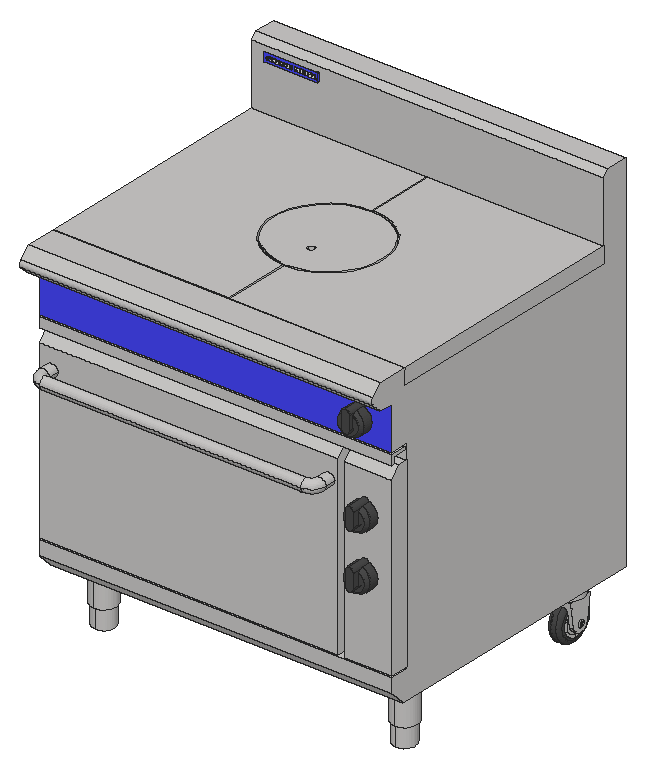
Revit family "QF_MOFFAT_BLUESEAL_CE_GE570", category Specialty Equipment, Revit 2012
Parameters
  Width = 900 mm
  Weight in Pounds = 606
  Watts = 6500 W
  Volts = 400 V
  URL Cutsheet = "www.moffat.com"
  URL = "www.moffat.com"
  Type Mark [instance] = ""
  Status [instance] = ""
  Specification by User [instance] = ""
  Specification by Manufacturer = ""
  Show Logo [instance] = yes
  Show Clearance [instance] = yes
  Show Casters [instance] = yes
  Serial Number = ""
  Seismic Rating = ""
  SMACNA No = ""
  Revision Code [instance] = ""
  Phase = 3
  Omniclass Number and Title = ""
  Number of Poles [instance] = 1
  NAFEM Spec ID Number = ""
  Model = "GE570"
  Min Ckt Ampacity = 0 A
  Mechanical Remarks = ""
  Mechanical Connection Type [instance] = ""
  Max Overcurrent Protection = 0 A
  Masterspec = ""
  Manufacturer = "MOFFAT BLUESEAL"
  Legs [instance] = not(Show Casters)  # no
  Item Number [instance] = ""
  Installed By [instance] = ""
  Identify Quantity as Lot [instance] = yes
  Height = 1085 mm
  HP = ""
  Gas Size = 3/4"
  Gas RI Height [instance] = 0 mm
  Gas KW [instance] = 12.5
  Gas Input [instance] = 42651.0 Btu/h
  Gas Connection Height = 0 mm
  Furnished By [instance] = ""
  Foodservice Equipment Identifier [instance] = yes
  FL Amps = 9.4 A
  Electrical Remarks = "9.4A PER PHASE"
  Electric Connection Type = ""
  Elec Conn RI Height = 0 mm
  Elec Conn Connection Height = 0 mm
  Description = "900MM GAS TARGET TOP RANGE WITH ELECTRIC STATIC OVEN"
  Depth = 812 mm
  Cycle = 50 Hz
  Conn Plug = ""
  Conn Conduit = yes
  CSI MasterFormat = ""
  CSI Master Format = ""
  Apparent Power = 0 VA
Reference planes
  plane 1 "BACK": y = 0
  plane 2: z = 0
  plane 3 "LEFT": x = 0
  plane 4 "RIGHT": x = 900
  plane 5 "FRONT": y = -812
  plane 6 "TOP": z = 970
  plane 7 "Center Y": x = 450
  plane 8 "Center X": y = -406
  plane 9: x = 280
  plane 10: y = -574.272
  plane 11: x = 60
  plane 12: y = -304.972
  plane 13: y = -364.972
  plane 14: x = 74
  plane 15: x = 834.5
  plane 16: y = -32
  plane 17: z = 655
  plane 18: z = 1085
Forms (mm)
  Extrusion 1, solid, material "QF_Finishes_Stainless Steel"
    sketch origin (0, 0, 0) x (0, 1, 0) y (0, 0, 1)
      loop
        line (0, 1085) -> (-57, 1085) -> (-70, 1072) -> (-70, 875) -> (-705, 875) -> (-705, 915) -> (-783.97, 915) -> (-808.503, 890.467)
        arc (-808.503, 890.467) -> (-812.01, 882) -> (-808.503, 873.533) r 11.974
        line (-808.503, 873.533) -> (-784.97, 850) -> (-749, 850) -> (-749, 740) -> (-699, 740) -> (-699, 222.5) -> (-749, 222.5) -> (-749, 186) -> (-713, 150) -> (0, 150) -> (0, 1085)
      loop
        line (-749, 710) -> (-740.224, 710) -> (-742.613, 726.999) -> (-707.93, 726.999) -> (-707.93, 734.003) -> (-749, 734.003) -> (-749, 710)
    from 0 to 900
  Extrusion 2, solid, material "QF_Finishes_Stainless Steel"
    sketch origin (0, 0, 0) x (0, 1, 0) y (0, 0, 1)
      loop
        line (-70, 915) -> (-705, 915) -> (-705, 875) -> (-70, 875) -> (-70, 915)
    from 0 to 900
  Revolve 3, solid, material "QF_Finishes_Black"
    sketch origin (824.351, 45.874, 0) x (0, 1, 0) y (0, 0, 1)
      loop
        line (-827.874, 829.5) -> (-838.874, 823.651) -> (-838.874, 797) -> (-794.874, 797) -> (-794.874, 802) -> (-804.874, 802) -> (-804.874, 829.5) -> (-827.874, 829.5)
      axis (-838.874, 797) -> (-794.874, 797)
    angle from 0 to 360
  Extrusion 4, solid, material "QF_Finishes_Black"
    sketch origin (676.544, 7, 0) x (1, 0, 0) y (0, 0, 1)
      loop
        line (158.3, 789) -> (158.3, 824)
        arc (158.3, 824) -> (148.3, 834) -> (138.3, 824) r 10
        line (138.3, 824) -> (138.3, 789)
        arc (138.3, 789) -> (148.3, 779) -> (158.3, 789) r 10
    from 759 to 808
  Extrusion 5, void
    sketch origin (0, -72.734, 915) x (1, 0, 0) y (0, -1, 0)
      loop
        line (447.967, 173.281) -> (447.967, -2.734) -> (452.2, -2.734) -> (452.2, 173.283)
        arc (452.2, 173.283) -> (592.5, 315.967) -> (451.798, 458.255) r 142.5
        line (451.798, 458.255) -> (451.798, 632.266) -> (447.7, 632.266) -> (447.7, 458.248)
        arc (447.7, 458.248) -> (307.5, 315.632) -> (447.967, 173.281) r 142.5
      loop
        circle (450, 315.766) r 138
      loop
        circle (450, 370.766) r 8.75
    from 0 to 10
  Revolve 6, solid, material "QF_Finishes_Stainless Steel"
    sketch origin (834.5, -696.126, 0) x (0, 1, 0) y (0, 0, -1)
      loop
        line (39.376, -150) -> (71.126, -150) -> (71.126, 0) -> (43.626, 0) -> (43.626, -50) -> (39.376, -50) -> (39.376, -150)
      axis (71.126, -150) -> (71.126, 0)
    angle from 0 to 360
  Revolve 7, solid, material "QF_Finishes_Stainless Steel"
    sketch origin (65.5, -696.126, 0) x (0, 1, 0) y (0, 0, 1)
      loop
        line (39.376, 150) -> (39.376, 50) -> (43.626, 50) -> (43.626, 0) -> (71.126, 0) -> (71.126, 150) -> (39.376, 150)
      axis (71.126, 150) -> (71.126, 0)
    angle from 0 to 360
  Extrusion 8, solid, material "QF_Finishes_Stainless Steel"
    sketch origin (-64.5, 0, 325) x (1, 0, 0) y (0, 1, 0)
      loop
        circle (834.5, -32) r 10
    from 330 to 411.219
  Extrusion 9, solid, material "QF_Finishes_Stainless Steel", visible <- "Show Casters"
    sketch origin (71.501, 133.353, -8.783) x (0, 1, 0) y (0, 0, 1)
      loop
        line (-201.603, 118.783) -> (-265.103, 118.783) -> (-252.746, 53.895)
        arc (-252.746, 53.895) -> (-233.353, 38.783) -> (-213.959, 53.895) r 20
        line (-213.959, 53.895) -> (-201.603, 118.783)
    from -35.667 to 22.923
  Revolve 10, solid, material "QF_Finishes_Stainless Steel", visible <- "Show Casters"
    sketch origin (65, -203, 0) x (0, 1, 0) y (0, 0, 1)
      loop
        line (67.25, 150) -> (67.25, 110) -> (103, 110) -> (103, 150) -> (67.25, 150)
      axis (103, 150) -> (103, 110)
    angle from 0 to 360
  Revolve 11, solid, material "QF_Finishes_Stainless Steel", visible <- "Show Casters"
    sketch origin (834.5, -203, 0) x (0, 1, 0) y (0, 0, -1)
      loop
        line (67.25, -150) -> (103, -150) -> (103, -110) -> (67.25, -110) -> (67.25, -150)
      axis (103, -150) -> (103, -110)
    angle from 0 to 360
  Revolve 12, solid, material "QF_Finishes_Stainless Steel", visible <- "Show Casters"
    sketch origin (785.276, -99.755, -13.653) x (1, 0, 0) y (0, 0, 1)
      loop
        line (14.841, 64.453) -> (83.584, 64.453) -> (83.584, 67.958) -> (82.314, 69.228) -> (80.79, 69.228) -> (80.79, 72.674) -> (68.644, 72.674) -> (68.644, 82.639) -> (65.088, 84.692) -> (63.738, 93.028) -> (65.881, 93.028) -> (65.881, 99.378) -> (65.088, 99.378) -> (65.088, 105.728)
        arc (65.088, 105.728) -> (62.298, 112.463) -> (55.563, 115.253) r 9.525
        line (55.563, 115.253) -> (42.863, 115.253)
        arc (42.863, 115.253) -> (36.127, 112.463) -> (33.338, 105.728) r 9.525
        line (33.338, 105.728) -> (33.338, 99.378) -> (32.544, 99.378) -> (32.544, 93.028) -> (34.687, 93.028) -> (33.352, 84.781) -> (29.782, 82.719) -> (29.782, 72.674) -> (17.635, 72.674) -> (17.635, 69.228) -> (16.111, 69.228) -> (14.841, 67.958) -> (14.841, 64.453)
      axis (14.841, 64.453) -> (83.584, 64.453)
    angle from 0 to 360
  Extrusion 13, solid, material "QF_Finishes_Stainless Steel", visible <- "Show Casters"
    sketch origin (841.001, 133.353, -8.783) x (0, 1, 0) y (0, 0, 1)
      loop
        line (-201.603, 118.783) -> (-265.103, 118.783) -> (-252.746, 53.895)
        arc (-252.746, 53.895) -> (-233.353, 38.783) -> (-213.959, 53.895) r 20
        line (-213.959, 53.895) -> (-201.603, 118.783)
    from -35.667 to 22.923
  Revolve 14, solid, material "QF_Finishes_Stainless Steel", visible <- "Legs"
    sketch origin (65, -165, 0) x (0, 1, 0) y (0, 0, 1)
      loop
        line (33.25, 150) -> (33.25, 50) -> (37.5, 50) -> (37.5, 0) -> (65, 0) -> (65, 150) -> (33.25, 150)
      axis (65, 150) -> (65, 0)
    angle from 0 to 360
  Revolve 15, solid, material "QF_Finishes_Stainless Steel", visible <- "Legs"
    sketch origin (834.5, -165, 0) x (0, 1, 0) y (0, 0, -1)
      loop
        line (33.25, -150) -> (65, -150) -> (65, 0) -> (37.5, 0) -> (37.5, -50) -> (33.25, -50) -> (33.25, -150)
      axis (65, -150) -> (65, 0)
    angle from 0 to 360
  Revolve 16, solid, material "QF_Finishes_Stainless Steel", visible <- "Show Casters"
    sketch origin (114.224, -99.755, -13.653) x (-1, 0, 0) y (0, 0, -1)
      loop
        line (14.841, -64.453) -> (14.841, -67.958) -> (16.111, -69.228) -> (17.635, -69.228) -> (17.635, -72.674) -> (29.782, -72.674) -> (29.782, -82.719) -> (33.352, -84.781) -> (34.687, -93.028) -> (32.544, -93.028) -> (32.544, -99.378) -> (33.338, -99.378) -> (33.338, -105.728)
        arc (33.338, -105.728) -> (36.127, -112.463) -> (42.863, -115.253) r 9.525
        line (42.863, -115.253) -> (55.563, -115.253)
        arc (55.563, -115.253) -> (62.298, -112.463) -> (65.088, -105.728) r 9.525
        line (65.088, -105.728) -> (65.088, -99.378) -> (65.881, -99.378) -> (65.881, -93.028) -> (63.738, -93.028) -> (65.088, -84.692) -> (68.644, -82.639) -> (68.644, -72.674) -> (80.79, -72.674) -> (80.79, -69.228) -> (82.314, -69.228) -> (83.584, -67.958) -> (83.584, -64.453) -> (14.841, -64.453)
      axis (14.841, -64.453) -> (83.584, -64.453)
    angle from 0 to 360
  Extrusion 17, void
    sketch origin (0, 0, 0) x (1, 0, 0) y (0, 1, 0)
      loop
        line (832.738, -87.26) -> (832.738, 30.24) -> (703.238, 30.24) -> (703.238, -38.76) -> (751.738, -87.26) -> (832.738, -87.26)
    from 200 to 736.219
  Extrusion 18, solid, material "QF_Finishes_Stainless Steel"
    sketch origin (723.5, 0, 0) x (0, 1, 0) y (0, 0, 1)
      loop
        line (-699, 700) -> (-725, 700) -> (-749, 676) -> (-749, 227.5) -> (-699, 227.5) -> (-699, 700)
    from 56.898 to 176.5
  Sweep 19, solid, material "QF_Finishes_Stainless Steel"
    path origin (0, -690.875, 633.125) x (0, -1, 0) y (1, 0, 0)
      loop
        line (50, 31.371) -> (86, 31.371)
        arc (86, 31.371) -> (100.142, 37.229) -> (106, 51.371) r 20
        line (106, 51.371) -> (106, 719.041)
        arc (106, 719.041) -> (100.142, 733.183) -> (86, 739.041) r 20
        line (86, 739.041) -> (50, 739.041)
    profile origin (385.206, -796.875, 633.125) x (0, 1, 0) y (0, 0, 1)
      loop
        circle (0, -10) r 15
  Revolve 20, solid, material "QF_Finishes_Black"
    sketch origin (839.351, 38.874, -213.6) x (0, 1, 0) y (0, 0, 1)
      loop
        line (-820.874, 829.5) -> (-831.874, 823.651) -> (-831.874, 797) -> (-787.874, 797) -> (-787.874, 802) -> (-797.874, 802) -> (-797.874, 829.5) -> (-820.874, 829.5)
      axis (-831.874, 797) -> (-787.874, 797)
    angle from 0 to 360
  Extrusion 21, solid, material "QF_Finishes_Black"
    sketch origin (691.544, 0, -213.6) x (1, 0, 0) y (0, 0, 1)
      loop
        line (158.3, 789) -> (158.3, 824)
        arc (158.3, 824) -> (148.3, 834) -> (138.3, 824) r 10
        line (138.3, 824) -> (138.3, 789)
        arc (138.3, 789) -> (148.3, 779) -> (158.3, 789) r 10
    from 759 to 808
  Extrusion 22, solid, material "QF_Door-Drawer Clearances", visible <- "Show Clearance", detail levels coarse
    sketch origin (0, 0, 0) x (0, -1, 0) y (0, 0, 1)
      loop
        line (749, 697.347) -> (749, 227.5) -> (1218.847, 227.5)
        arc (1218.847, 227.5) -> (1081.232, 559.732) -> (749, 697.347) r 469.847
    from 0 to -762.865
  Extrusion 23, solid, material "QF_Finishes_Stainless Steel"
    sketch origin (0, 0, 0) x (0, 1, 0) y (0, 0, 1)
      loop
        line (-699, 700) -> (-725, 700) -> (-749, 676) -> (-749, 227.5) -> (-699, 227.5) -> (-699, 700)
    from 0 to 762.865
  Extrusion 24, solid, material "QF_Finishes_Stainless Steel"
    sketch origin (0, -703.73, 150) x (1, 0, 0) y (0, -1, 0)
      loop
        circle (826, -202.73) r 6.35
    from 0 to 1.6
  Revolve 25, solid, material "QF_Finishes_Black"
    sketch origin (839.351, 38.874, -353.465) x (0, 1, 0) y (0, 0, 1)
      loop
        line (-820.874, 829.5) -> (-831.874, 823.651) -> (-831.874, 797) -> (-787.874, 797) -> (-787.874, 802) -> (-797.874, 802) -> (-797.874, 829.5) -> (-820.874, 829.5)
      axis (-831.874, 797) -> (-787.874, 797)
    angle from 0 to 360
  Extrusion 26, solid, material "QF_Finishes_Black"
    sketch origin (691.544, 0, -353.465) x (1, 0, 0) y (0, 0, 1)
      loop
        line (158.3, 789) -> (158.3, 824)
        arc (158.3, 824) -> (148.3, 834) -> (138.3, 824) r 10
        line (138.3, 824) -> (138.3, 789)
        arc (138.3, 789) -> (148.3, 779) -> (158.3, 789) r 10
    from 759 to 808
Cuts and joins
  Extrusion 5, Extrusion 17 cuts Extrusion 1
  Extrusion 5 cuts Extrusion 2
  joined: Extrusion 18, Sweep 19, Extrusion 23
Lines and regions (mm)
  Split face 1
    outline origin (900, 0, 1085) x (-1, 0, 0) y (0, -1, 0)
      loop
        arc (856, 18.185) -> (864.66, 23.185) -> (864.66, 33.185) r 10
        line (864.66, 33.185) -> (860.619, 40.185)
        arc (860.619, 40.185) -> (856.959, 43.846) -> (851.959, 45.185) r 10
        line (851.959, 45.185) -> (624, 45.185)
        arc (624, 45.185) -> (615.34, 40.185) -> (615.34, 30.185) r 10
        line (615.34, 30.185) -> (619.381, 23.185)
        arc (619.381, 23.185) -> (623.041, 19.525) -> (628.041, 18.185) r 10
        line (628.041, 18.185) -> (856, 18.185)
  Split face 2
    outline origin (900, 0, 1085) x (-1, 0, 0) y (0, -1, 0)
      loop
        arc (566, 18.185) -> (574.66, 23.185) -> (574.66, 33.185) r 10
        line (574.66, 33.185) -> (570.619, 40.185)
        arc (570.619, 40.185) -> (566.959, 43.846) -> (561.959, 45.185) r 10
        line (561.959, 45.185) -> (334, 45.185)
        arc (334, 45.185) -> (325.34, 40.185) -> (325.34, 30.185) r 10
        line (325.34, 30.185) -> (329.381, 23.185)
        arc (329.381, 23.185) -> (333.041, 19.525) -> (338.041, 18.185) r 10
        line (338.041, 18.185) -> (566, 18.185)
  Split face 3
    outline origin (900, 0, 1085) x (-1, 0, 0) y (0, -1, 0)
      loop
        arc (276, 18.185) -> (284.66, 23.185) -> (284.66, 33.185) r 10
        line (284.66, 33.185) -> (280.619, 40.185)
        arc (280.619, 40.185) -> (276.959, 43.846) -> (271.959, 45.185) r 10
        line (271.959, 45.185) -> (44, 45.185)
        arc (44, 45.185) -> (35.34, 40.185) -> (35.34, 30.185) r 10
        line (35.34, 30.185) -> (39.381, 23.185)
        arc (39.381, 23.185) -> (43.041, 19.525) -> (48.041, 18.185) r 10
        line (48.041, 18.185) -> (276, 18.185)
  Split face 4
    outline origin (738.5, -749, 576.576) x (0, 0, -1) y (1, 0, 0)
      loop
        circle (241.026, 102.515) r 10.75
  Split face 5
    outline origin (738.5, -749, 759.426) x (0, 0, -1) y (1, 0, 0)
      loop
        circle (241.026, 102.765) r 7.15
  Split face 6
    outline origin (738.5, -749, 889.426) x (0, 0, -1) y (1, 0, 0)
      loop
        circle (241.026, 102.765) r 7.15
  symbolic lines
    curve 1: line (0, 0, 0) -> (0, -812, 0)
    curve 2: line (900, 0, 0) -> (0, 0, 0)
    curve 3: line (900, -812, 0) -> (900, 0, 0)
    curve 4: line (0, -70, 0) -> (900, -70, 0)
    curve 5: line (900, -812, 0) -> (0, -812, 0)
    curve 6: line (447.967, -72.734, 0) -> (447.967, -246.014, 0)
    curve 7: line (452.2, -246.017, 0) -> (452.2, -72.734, 0)
    curve 8: line (451.798, -705, 0) -> (451.798, -530.989, 0)
    curve 9: line (447.7, -530.981, 0) -> (447.7, -705, 0)
    curve 10: line (900, -72.734, 0) -> (0, -72.734, 0)
    curve 11: line (0, -705, 0) -> (900, -705, 0)
    curve 12: arc (452.2, -246.017, 0) -> (592.5, -388.701, 0) -> (451.798, -530.989, 0) r 142.5
    curve 13: arc (447.7, -530.981, 0) -> (307.5, -388.366, 0) -> (447.967, -246.014, 0) r 142.5
    curve 14: circle (450, -388.5, 0) r 138 normal (0, 0, 1)
    curve 15: arc (458.75, -443.5, 0) -> (450, -452.25, 0) -> (441.25, -443.5, 0) r 8.75
    curve 16: arc (441.25, -443.5, 0) -> (450, -434.75, 0) -> (458.75, -443.5, 0) r 8.75
    curve 17: line (900, -57, 0) -> (0, -57, 0)
    curve 18: line (276, -45.185, 0) -> (48.041, -45.185, 0)
    curve 19: arc (48.041, -45.185, 0) -> (43.041, -43.846, 0) -> (39.381, -40.185, 0) r 10
    curve 20: line (39.381, -40.185, 0) -> (35.34, -33.185, 0)
    curve 21: arc (35.34, -33.185, 0) -> (35.34, -23.185, 0) -> (44, -18.185, 0) r 10
    curve 22: line (44, -18.185, 0) -> (271.959, -18.185, 0)
    curve 23: arc (271.959, -18.185, 0) -> (276.959, -19.525, 0) -> (280.619, -23.185, 0) r 10
    curve 24: line (280.619, -23.185, 0) -> (284.66, -30.185, 0)
    curve 25: arc (284.66, -30.185, 0) -> (284.66, -40.185, 0) -> (276, -45.185, 0) r 10
    curve 26: line (566, -45.185, 0) -> (338.041, -45.185, 0)
    curve 27: arc (338.041, -45.185, 0) -> (333.041, -43.846, 0) -> (329.381, -40.185, 0) r 10
    curve 28: line (329.381, -40.185, 0) -> (325.34, -33.185, 0)
    curve 29: arc (325.34, -33.185, 0) -> (325.34, -23.185, 0) -> (334, -18.185, 0) r 10
    curve 30: line (334, -18.185, 0) -> (561.959, -18.185, 0)
    curve 31: arc (561.959, -18.185, 0) -> (566.959, -19.525, 0) -> (570.619, -23.185, 0) r 10
    curve 32: line (570.619, -23.185, 0) -> (574.66, -30.185, 0)
    curve 33: arc (574.66, -30.185, 0) -> (574.66, -40.185, 0) -> (566, -45.185, 0) r 10
    curve 34: line (856, -45.185, 0) -> (628.041, -45.185, 0)
    curve 35: arc (628.041, -45.185, 0) -> (623.041, -43.846, 0) -> (619.381, -40.185, 0) r 10
    curve 36: line (619.381, -40.185, 0) -> (615.34, -33.185, 0)
    curve 37: arc (615.34, -33.185, 0) -> (615.34, -23.185, 0) -> (624, -18.185, 0) r 10
    curve 38: line (624, -18.185, 0) -> (851.959, -18.185, 0)
    curve 39: arc (851.959, -18.185, 0) -> (856.959, -19.525, 0) -> (860.619, -23.185, 0) r 10
    curve 40: line (860.619, -23.185, 0) -> (864.66, -30.185, 0)
    curve 41: arc (864.66, -30.185, 0) -> (864.66, -40.185, 0) -> (856, -45.185, 0) r 10
    curve 42: line (0, -783.97, 0) -> (900, -783.97, 0)
  symbolic lines, style "QF_Door-Drawer Clearances"
    curve 43: line (0, -1218.847, 0) -> (0, -812, 0)
    curve 44: line (762.865, -812, 0) -> (762.865, -1218.847, 0)
    curve 45: line (762.865, -1218.847, 0) -> (0, -1218.847, 0)
Dimensions and locks
  equal spacing: plane 3 "LEFT", plane 7 "Center Y", plane 4 "RIGHT"
  "Width": plane 3 "LEFT" to plane 4 "RIGHT"
  equal spacing: plane 5 "FRONT", plane 8 "Center X", plane 1 "BACK"
  "Depth": plane 5 "FRONT" to plane 1 "BACK"
  equal spacing: plane 4 "RIGHT", plane 7 "Center Y", plane 3 "LEFT"
  plane 4 "RIGHT" to plane 3 "LEFT" = 900 mm
  plane 5 "FRONT" to plane 1 "BACK" = 812 mm
  plane 10 to plane 1 "BACK" = 574.272 mm
  plane 12 to plane 1 "BACK" = 304.972 mm  (x2)
  plane 11 to plane 3 "LEFT" = 60 mm
  plane 14 to plane 3 "LEFT" = 74 mm
  plane 9 to plane 3 "LEFT" = 280 mm
  plane 6 "TOP" to plane 2 = 970 mm
  plane 17 to level = 655 mm
  Revolve 12 sketch curve to Revolve 12 sketch curve = 50.8 mm
  Revolve 16 sketch curve to Revolve 16 sketch curve = 50.8 mm
  plane 18 to level = 1085 mm  (x2)
  Extrusion 24 sketch curve to plane 4 "RIGHT" = 74 mm
  Extrusion 24 sketch curve to plane 1 "BACK" = 501 mm
  aligned and locked: level to plane 2
  aligned and locked: curve 3 to plane 4 "RIGHT"
  aligned and locked: Extrusion 1 to Extrusion 2  (x2)
Automatic sketch dimensions
  curve 12 to curve 13 = 0 mm  (x2)
  curve 12 to curve 14 = 0 mm  (x2)
  curve 13 to curve 14 = 0 mm  (x2)
  curve 15 to curve 16 = 0 mm  (x2)
  plane 1 "BACK" to curve 1 = 0 mm
  curve 1 to plane 3 "LEFT" = 0 mm
  curve 15 to plane 7 "Center Y" = 0 mm
  curve 12 to plane 7 "Center Y" = 0 mm
  plane 5 "FRONT" to curve 44 = 0 mm
  curve 20 to plane 16 = 1.185 mm
  curve 20 to plane 11 = 24.66 mm
  curve 21 to curve 19 = 4.041 mm
  curve 21 to plane 11 = 16 mm
  curve 19 to curve 19 = 8.66 mm
  curve 23 to plane 9 = 8.041 mm
  curve 25 to plane 9 = 4 mm
  plane 9 to curve 23 = 0.619 mm
  plane 16 to curve 25 = 1.815 mm
  plane 9 to curve 25 = 4.66 mm
  curve 29 to plane 16 = 1.185 mm
  curve 24 to curve 29 = 40.679 mm
  curve 29 to curve 27 = 4.041 mm
  plane 16 to curve 29 = 3.815 mm
  curve 28 to curve 29 = 8.66 mm
  curve 27 to curve 27 = 8.66 mm
  curve 15 to plane 7 "Center Y" = 8.75 mm
  curve 9 to plane 7 "Center Y" = 2.3 mm
  curve 6 to plane 7 "Center Y" = 2.033 mm
  plane 7 "Center Y" to curve 12 = 1.798 mm
  plane 7 "Center Y" to curve 7 = 2.2 mm
  plane 7 "Center Y" to curve 31 = 111.959 mm
  curve 31 to curve 33 = 4.041 mm
  curve 30 to curve 31 = 8.66 mm
  plane 16 to curve 33 = 1.815 mm
  curve 32 to curve 33 = 4.041 mm
  curve 37 to plane 16 = 1.185 mm
  curve 32 to curve 37 = 40.679 mm
  curve 37 to curve 35 = 4.041 mm  (x2)
  curve 36 to curve 38 = 8.66 mm
  curve 35 to plane 16 = 3.185 mm
  curve 44 to plane 15 = 71.635 mm
  plane 15 to curve 39 = 17.459 mm
  curve 39 to curve 41 = 4.041 mm  (x2)
  plane 16 to curve 40 = 8.815 mm
  curve 39 to curve 40 = 8.66 mm
  plane 16 to curve 41 = 1.815 mm
  plane 5 "FRONT" to curve 44 = 406.847 mm
  curve 42 to plane 5 "FRONT" = 28.03 mm
  curve 42 to curve 11 = 78.97 mm
  plane 10 to curve 8 = 43.284 mm
  curve 12 to curve 13 = 0.007 mm
  curve 16 to plane 8 "Center X" = 37.5 mm
  plane 8 "Center X" to curve 12 = 17.5 mm
  curve 10 to plane 16 = 40.734 mm
  curve 10 to curve 4 = 2.734 mm
  curve 4 to curve 17 = 13 mm
  curve 26 to plane 16 = 13.185 mm
  curve 19 to plane 16 = 13.185 mm
  curve 34 to plane 16 = 13.185 mm
  curve 28 to curve 29 = 7 mm
  curve 19 to curve 21 = 7 mm
  plane 16 to curve 31 = 3.815 mm
  plane 16 to curve 37 = 3.815 mm
  plane 16 to curve 21 = 3.815 mm
  plane 16 to curve 23 = 3.815 mm
  plane 18 to Extrusion 1 sketch curve = 0 mm
  Extrusion 1 sketch curve to plane 1 "BACK" = 0 mm
  Extrusion 1 sketch curve to plane 16 = 25 mm
  plane 18 to Extrusion 1 sketch curve = 13 mm
  Extrusion 1 sketch curve to Extrusion 1 sketch curve = 13 mm
  Extrusion 1 sketch curve to plane 5 "FRONT" = 113 mm
  Extrusion 1 sketch curve to plane 5 "FRONT" = 107 mm
  Extrusion 1 sketch curve to Extrusion 1 sketch curve = 8.93 mm
  Extrusion 1 sketch curve to Extrusion 1 sketch curve = 14 mm
  Extrusion 1 sketch curve to Extrusion 1 sketch curve = 32.294 mm
  Extrusion 1 sketch curve to Extrusion 1 sketch curve = 2.389 mm
  Extrusion 1 sketch curve to Extrusion 1 sketch curve = 8.776 mm
  Extrusion 1 sketch curve to Extrusion 1 sketch curve = 44 mm
  Extrusion 1 sketch curve to Extrusion 1 sketch curve = 50 mm
  Extrusion 1 sketch curve to plane 5 "FRONT" = 28.03 mm
  Extrusion 1 sketch curve to plane 5 "FRONT" = 27.03 mm
  Extrusion 1 sketch curve to plane 5 "FRONT" = 11.964 mm
  Extrusion 1 sketch curve to plane 5 "FRONT" = 3.497 mm  (x2)
  Extrusion 1 sketch curve to plane 6 "TOP" = 55 mm
  Extrusion 1 sketch curve to Extrusion 1 sketch curve = 24.533 mm
  Extrusion 1 sketch curve to Extrusion 1 sketch curve = 8.467 mm
  Extrusion 1 sketch curve to Extrusion 1 sketch curve = 40 mm
  Extrusion 1 sketch curve to Extrusion 1 sketch curve = 23.533 mm
  plane 17 to Extrusion 1 sketch curve = 85 mm
  Extrusion 1 sketch curve to Extrusion 1 sketch curve = 5.997 mm
  Extrusion 1 sketch curve to Extrusion 1 sketch curve = 7.004 mm
  Extrusion 1 sketch curve to Extrusion 1 sketch curve = 16.999 mm
  Extrusion 1 sketch curve to Extrusion 1 sketch curve = 36.5 mm
  level to Extrusion 1 sketch curve = 150 mm
  Extrusion 2 sketch curve to plane 5 "FRONT" = 107 mm
  Extrusion 2 sketch curve to plane 16 = 38 mm
  Extrusion 2 sketch curve to plane 6 "TOP" = 95 mm
  Extrusion 2 sketch curve to Extrusion 2 sketch curve = 40 mm
  Revolve 3 sketch curve to plane 5 "FRONT" = 19 mm
  Revolve 3 sketch curve to Revolve 3 sketch curve = 0 mm  (x2)
  Revolve 3 sketch curve to Revolve 3 sketch curve = 11 mm
  Revolve 3 sketch curve to Revolve 3 sketch curve = 12.7 mm
  Revolve 3 sketch curve to Revolve 3 sketch curve = 23 mm
  Revolve 3 sketch curve to Revolve 3 sketch curve = 10 mm
  plane 17 to Revolve 3 sketch curve = 142 mm
  Revolve 3 sketch curve to Revolve 3 sketch curve = 5 mm
  Revolve 3 sketch curve to Revolve 3 sketch curve = 26.651 mm
  Revolve 3 sketch curve to Revolve 3 sketch curve = 5.849 mm
  Extrusion 4 sketch curve to plane 15 = 19.656 mm
  Extrusion 4 sketch curve to plane 15 = 9.656 mm
  plane 17 to Extrusion 4 sketch curve = 134 mm
  Extrusion 4 sketch curve to Extrusion 4 sketch curve = 35 mm
  Extrusion 5 sketch curve to Extrusion 5 sketch curve = 0 mm  (x13)
  Extrusion 5 sketch curve to Extrusion 2 = 0 mm
  Extrusion 2 to Extrusion 5 sketch curve = 0 mm
  Extrusion 2 to Extrusion 5 sketch curve = 447.7 mm
  Extrusion 2 to Extrusion 5 sketch curve = 447.967 mm
  Extrusion 5 sketch curve to Extrusion 5 sketch curve = 2.3 mm
  Extrusion 5 sketch curve to Extrusion 5 sketch curve = 4.098 mm
  Extrusion 5 sketch curve to Extrusion 5 sketch curve = 4.232 mm
  Extrusion 2 to Extrusion 5 sketch curve = 174.011 mm
  Extrusion 5 sketch curve to Extrusion 5 sketch curve = 0.007 mm
  Extrusion 5 sketch curve to Extrusion 5 sketch curve = 4.489 mm
  Extrusion 5 sketch curve to Extrusion 5 sketch curve = 83 mm
  Extrusion 5 sketch curve to Extrusion 5 sketch curve = 55 mm
  Revolve 6 sketch curve to level = 0 mm
  Revolve 6 sketch curve to plane 10 = 82.478 mm
  Revolve 6 sketch curve to Revolve 6 sketch curve = 4.25 mm
  Revolve 6 sketch curve to Revolve 6 sketch curve = 27.5 mm  (x2)
  level to Revolve 6 sketch curve = 50 mm
  Revolve 6 sketch curve to Revolve 6 sketch curve = 0 mm
  Revolve 6 sketch curve to Revolve 6 sketch curve = 100 mm
  Revolve 6 sketch curve to Revolve 6 sketch curve = 55 mm
  Revolve 7 sketch curve to level = 0 mm
  Revolve 7 sketch curve to plane 10 = 82.478 mm
  Revolve 7 sketch curve to Revolve 7 sketch curve = 4.25 mm
  Revolve 7 sketch curve to Revolve 7 sketch curve = 27.5 mm  (x2)
  Revolve 7 sketch curve to level = 55 mm
  Revolve 7 sketch curve to Revolve 7 sketch curve = 50 mm
  Revolve 7 sketch curve to Revolve 7 sketch curve = 0 mm
  Revolve 7 sketch curve to Revolve 7 sketch curve = 100 mm
  Extrusion 8 sketch curve to plane 16 = 0 mm
  Extrusion 8 sketch curve to plane 15 = 64.5 mm
  cut or joined group of Extrusion 1, Extrusion 5, Extrusion 17 to Split face 1 sketch curve = 26.815 mm
  Split face 1 sketch curve to cut or joined group of Extrusion 1, Extrusion 5, Extrusion 17 = 284.66 mm
  Split face 1 sketch curve to Split face 1 sketch curve = 4.041 mm  (x4)
  Split face 1 sketch curve to Split face 1 sketch curve = 8.66 mm  (x2)
  cut or joined group of Extrusion 1, Extrusion 5, Extrusion 17 to Split face 1 sketch curve = 11.815 mm
  Split face 1 sketch curve to cut or joined group of Extrusion 1, Extrusion 5, Extrusion 17 = 48.041 mm
  Split face 1 sketch curve to Split face 1 sketch curve = 7 mm  (x3)
  Split face 1 sketch curve to Split face 1 sketch curve = 17 mm
  cut or joined group of Extrusion 1, Extrusion 5, Extrusion 17 to Split face 2 sketch curve = 26.815 mm
  Split face 2 sketch curve to cut or joined group of Extrusion 1, Extrusion 5, Extrusion 17 = 325.34 mm
  Split face 2 sketch curve to Split face 2 sketch curve = 4.041 mm  (x4)
  Split face 2 sketch curve to Split face 2 sketch curve = 8.66 mm  (x2)
  cut or joined group of Extrusion 1, Extrusion 5, Extrusion 17 to Split face 2 sketch curve = 11.815 mm
  Split face 2 sketch curve to Split face 2 sketch curve = 223.917 mm
  Split face 2 sketch curve to Split face 2 sketch curve = 7 mm  (x3)
  Split face 2 sketch curve to Split face 2 sketch curve = 17 mm
  Split face 3 sketch curve to cut or joined group of Extrusion 1, Extrusion 5, Extrusion 17 = 35.34 mm
  Split face 3 sketch curve to Split face 3 sketch curve = 4.041 mm  (x4)
  Split face 3 sketch curve to Split face 3 sketch curve = 8.66 mm  (x2)
  cut or joined group of Extrusion 1, Extrusion 5, Extrusion 17 to Split face 3 sketch curve = 11.815 mm
  Split face 3 sketch curve to Split face 3 sketch curve = 223.917 mm
  Split face 3 sketch curve to Split face 3 sketch curve = 5 mm
  Split face 3 sketch curve to Split face 3 sketch curve = 10 mm
  Split face 3 sketch curve to Split face 3 sketch curve = 7 mm  (x3)
  Extrusion 9 sketch curve to plane 16 = 99.75 mm
  Extrusion 9 sketch curve to Extrusion 9 sketch curve = 12.357 mm
  Extrusion 9 sketch curve to Extrusion 9 sketch curve = 19.393 mm  (x2)
  level to Extrusion 9 sketch curve = 45.111 mm
  Extrusion 9 sketch curve to plane 16 = 36.25 mm
  Extrusion 9 sketch curve to Extrusion 9 sketch curve = 4.889 mm
  Extrusion 9 sketch curve to Extrusion 9 sketch curve = 64.889 mm
  Revolve 10 sketch curve to plane 16 = 103.75 mm
  Revolve 10 sketch curve to plane 16 = 68 mm
  Revolve 10 sketch curve to Revolve 10 sketch curve = 35.75 mm
  Revolve 10 sketch curve to level = 55 mm
  level to Revolve 10 sketch curve = 50 mm
  Revolve 10 sketch curve to Revolve 10 sketch curve = 60 mm
  Revolve 10 sketch curve to Revolve 10 sketch curve = 40 mm
  Revolve 11 sketch curve to plane 16 = 103.75 mm
  Revolve 11 sketch curve to plane 16 = 68 mm
  Revolve 11 sketch curve to Revolve 11 sketch curve = 35.75 mm
  level to Revolve 11 sketch curve = 150 mm
  Revolve 11 sketch curve to Revolve 11 sketch curve = 40 mm
  level to Revolve 11 sketch curve = 50 mm
  Revolve 11 sketch curve to level = 55 mm
  Revolve 12 sketch curve to plane 15 = 34.382 mm
  Revolve 12 sketch curve to Revolve 12 sketch curve = 1.27 mm  (x4)
  Revolve 12 sketch curve to Revolve 12 sketch curve = 1.524 mm  (x2)
  Revolve 12 sketch curve to Revolve 12 sketch curve = 12.146 mm  (x2)
  Revolve 12 sketch curve to plane 15 = 16.68 mm
  Revolve 12 sketch curve to Revolve 12 sketch curve = 0.794 mm  (x2)
  Revolve 12 sketch curve to Revolve 12 sketch curve = 3.57 mm
  Revolve 12 sketch curve to Revolve 12 sketch curve = 2.143 mm
  Revolve 12 sketch curve to plane 15 = 6.361 mm
  plane 15 to Revolve 12 sketch curve = 5.13 mm
  plane 15 to Revolve 12 sketch curve = 6.339 mm
  plane 15 to Revolve 12 sketch curve = 14.515 mm
  Revolve 12 sketch curve to Revolve 12 sketch curve = 1.349 mm  (x2)
  Revolve 12 sketch curve to Revolve 12 sketch curve = 3.556 mm
  Revolve 12 sketch curve to plane 4 "RIGHT" = 2.18 mm
  level to Revolve 12 sketch curve = 50.8 mm
  Revolve 12 sketch curve to Revolve 12 sketch curve = 0 mm
  Revolve 12 sketch curve to Revolve 12 sketch curve = 3.505 mm  (x2)
  Revolve 12 sketch curve to Revolve 12 sketch curve = 3.447 mm  (x2)
  Revolve 12 sketch curve to Revolve 12 sketch curve = 9.964 mm
  Revolve 12 sketch curve to Revolve 12 sketch curve = 10.045 mm
  Revolve 12 sketch curve to Revolve 12 sketch curve = 2.053 mm
  Revolve 12 sketch curve to Revolve 12 sketch curve = 2.061 mm
  Revolve 12 sketch curve to Revolve 12 sketch curve = 8.247 mm
  Revolve 12 sketch curve to Revolve 12 sketch curve = 8.336 mm
  Revolve 12 sketch curve to Revolve 12 sketch curve = 6.35 mm  (x2)
  Extrusion 13 sketch curve to plane 16 = 99.75 mm
  Extrusion 13 sketch curve to Extrusion 13 sketch curve = 12.357 mm
  Extrusion 13 sketch curve to Extrusion 13 sketch curve = 19.393 mm  (x2)
  level to Extrusion 13 sketch curve = 45.111 mm
  Extrusion 13 sketch curve to plane 16 = 36.25 mm
  Extrusion 13 sketch curve to Extrusion 13 sketch curve = 4.889 mm
  Extrusion 13 sketch curve to Extrusion 13 sketch curve = 64.889 mm
  Revolve 14 sketch curve to level = 0 mm
  Revolve 14 sketch curve to plane 16 = 99.75 mm
  Revolve 14 sketch curve to Revolve 14 sketch curve = 4.25 mm
  Revolve 14 sketch curve to Revolve 14 sketch curve = 27.5 mm  (x2)
  Revolve 14 sketch curve to level = 55 mm
  Revolve 14 sketch curve to Revolve 14 sketch curve = 50 mm
  Revolve 14 sketch curve to Revolve 14 sketch curve = 0 mm
  Revolve 14 sketch curve to Revolve 14 sketch curve = 100 mm
  Revolve 15 sketch curve to level = 0 mm
  Revolve 15 sketch curve to plane 16 = 99.75 mm
  Revolve 15 sketch curve to Revolve 15 sketch curve = 4.25 mm
  Revolve 15 sketch curve to Revolve 15 sketch curve = 27.5 mm  (x2)
  level to Revolve 15 sketch curve = 50 mm
  Revolve 15 sketch curve to Revolve 15 sketch curve = 0 mm
  Revolve 15 sketch curve to Revolve 15 sketch curve = 100 mm
  Revolve 15 sketch curve to Revolve 15 sketch curve = 55 mm
  plane 14 to Revolve 16 sketch curve = 25.382 mm
  Revolve 16 sketch curve to Revolve 16 sketch curve = 1.27 mm  (x4)
  Revolve 16 sketch curve to Revolve 16 sketch curve = 1.524 mm  (x2)
  plane 14 to Revolve 16 sketch curve = 10.442 mm
  plane 14 to Revolve 16 sketch curve = 7.68 mm
  Revolve 16 sketch curve to Revolve 16 sketch curve = 0.794 mm  (x2)
  Revolve 16 sketch curve to Revolve 16 sketch curve = 3.57 mm
  Revolve 16 sketch curve to Revolve 16 sketch curve = 2.143 mm
  Revolve 16 sketch curve to plane 14 = 2.639 mm
  Revolve 16 sketch curve to plane 11 = 0.13 mm
  Revolve 16 sketch curve to plane 11 = 1.339 mm
  Revolve 16 sketch curve to plane 11 = 9.515 mm
  Revolve 16 sketch curve to Revolve 16 sketch curve = 1.349 mm  (x2)
  Revolve 16 sketch curve to Revolve 16 sketch curve = 3.556 mm
  Revolve 16 sketch curve to Revolve 16 sketch curve = 12.146 mm
  Revolve 16 sketch curve to plane 3 "LEFT" = 2.68 mm
  level to Revolve 16 sketch curve = 101.6 mm
  Revolve 16 sketch curve to Revolve 16 sketch curve = 6.35 mm  (x4)
  Revolve 16 sketch curve to Revolve 16 sketch curve = 8.247 mm
  Revolve 16 sketch curve to Revolve 16 sketch curve = 8.336 mm
  Revolve 16 sketch curve to Revolve 16 sketch curve = 2.061 mm
  Revolve 16 sketch curve to Revolve 16 sketch curve = 2.053 mm
  Revolve 16 sketch curve to Revolve 16 sketch curve = 10.045 mm
  Revolve 16 sketch curve to Revolve 16 sketch curve = 9.964 mm
  Revolve 16 sketch curve to Revolve 16 sketch curve = 3.447 mm  (x2)
  Revolve 16 sketch curve to Revolve 16 sketch curve = 3.505 mm
  Extrusion 17 sketch curve to plane 1 "BACK" = 30.24 mm
  Extrusion 17 sketch curve to plane 15 = 131.262 mm
  Extrusion 17 sketch curve to Extrusion 17 sketch curve = 48.5 mm
  Extrusion 17 sketch curve to plane 15 = 1.762 mm
  Extrusion 17 sketch curve to plane 16 = 6.76 mm
  Extrusion 17 sketch curve to plane 16 = 55.26 mm
  Extrusion 18 sketch curve to plane 5 "FRONT" = 63 mm
  Extrusion 18 sketch curve to Extrusion 18 sketch curve = 24 mm
  Extrusion 18 sketch curve to Extrusion 18 sketch curve = 50 mm
  plane 17 to Extrusion 18 sketch curve = 21 mm
  plane 17 to Extrusion 18 sketch curve = 45 mm
  Sweep 19 sketch curve to plane 5 "FRONT" = 71.125 mm  (x2)
  Sweep 19 sketch curve to plane 11 = 28.629 mm
  Sweep 19 sketch curve to plane 5 "FRONT" = 35.125 mm  (x2)
  Sweep 19 sketch curve to plane 5 "FRONT" = 15.125 mm
  Sweep 19 sketch curve to plane 15 = 115.459 mm
  Sweep 19 sketch curve to profile plane = 0 mm
  Sweep 19 sketch curve to profile plane = 10 mm
  Revolve 20 sketch curve to plane 5 "FRONT" = 19 mm
  Revolve 20 sketch curve to Revolve 20 sketch curve = 0 mm  (x2)
  Revolve 20 sketch curve to Revolve 20 sketch curve = 11 mm
  Revolve 20 sketch curve to Revolve 20 sketch curve = 12.7 mm
  Revolve 20 sketch curve to Revolve 20 sketch curve = 23 mm
  Revolve 20 sketch curve to Revolve 20 sketch curve = 10 mm
  Revolve 20 sketch curve to plane 17 = 71.6 mm
  Revolve 20 sketch curve to Revolve 20 sketch curve = 5 mm
  Revolve 20 sketch curve to Revolve 20 sketch curve = 26.651 mm
  Revolve 20 sketch curve to Revolve 20 sketch curve = 5.849 mm
  Extrusion 21 sketch curve to plane 15 = 4.656 mm
  plane 15 to Extrusion 21 sketch curve = 5.344 mm
  Extrusion 21 sketch curve to plane 17 = 79.6 mm
  Extrusion 21 sketch curve to Extrusion 21 sketch curve = 35 mm
  Extrusion 22 sketch curve to plane 5 "FRONT" = 63 mm
  plane 5 "FRONT" to Extrusion 22 sketch curve = 406.847 mm
  Extrusion 23 sketch curve to plane 5 "FRONT" = 63 mm
  Extrusion 23 sketch curve to Extrusion 23 sketch curve = 24 mm
  Extrusion 23 sketch curve to Extrusion 23 sketch curve = 50 mm
  plane 17 to Extrusion 23 sketch curve = 21 mm
  plane 17 to Extrusion 23 sketch curve = 45 mm
  Split face 4 sketch curve to Extrusion 18 = 108.05 mm
  Split face 4 sketch curve to Extrusion 18 = 58.985 mm
  Split face 5 sketch curve to Extrusion 18 = 58.735 mm
  Split face 5 sketch curve to Extrusion 18 = 157.6 mm
  Split face 6 sketch curve to Extrusion 18 = 27.6 mm
  Split face 6 sketch curve to Extrusion 18 = 58.735 mm
  Revolve 25 sketch curve to plane 5 "FRONT" = 19 mm
  Revolve 25 sketch curve to Revolve 25 sketch curve = 0 mm  (x2)
  Revolve 25 sketch curve to Revolve 25 sketch curve = 11 mm
  Revolve 25 sketch curve to Revolve 25 sketch curve = 12.7 mm
  Revolve 25 sketch curve to Revolve 25 sketch curve = 23 mm
  Revolve 25 sketch curve to Revolve 25 sketch curve = 10 mm
  Revolve 25 sketch curve to Revolve 25 sketch curve = 5.849 mm
  Extrusion 26 sketch curve to plane 15 = 4.656 mm
  plane 15 to Extrusion 26 sketch curve = 5.344 mm
  Extrusion 1 sketch curve to Extrusion 1 sketch curve = 36 mm
  level to Extrusion 18 sketch curve = 227.5 mm
  level to Extrusion 22 sketch curve = 227.5 mm
  level to Extrusion 23 sketch curve = 227.5 mm
  Revolve 25 sketch curve to plane 17 = 211.465 mm
  Revolve 25 sketch curve to Revolve 25 sketch curve = 5 mm
  Revolve 25 sketch curve to Revolve 25 sketch curve = 26.651 mm
  Extrusion 26 sketch curve to plane 17 = 219.465 mm
  Extrusion 26 sketch curve to Extrusion 26 sketch curve = 35 mm
  radius of curve 14 = 138 mm
  radius of Extrusion 5 sketch curve = 8.75 mm
  radius of Extrusion 8 sketch curve = 10 mm
  radius of Sweep 19 sketch curve = 15 mm
  radius of Split face 4 sketch curve = 10.75 mm
  radius of Split face 5 sketch curve = 7.15 mm
  radius of Split face 6 sketch curve = 7.15 mm
  radius of Extrusion 24 sketch curve = 6.35 mm
Nested families
  nested 1: "WALDORF LOGO_FACE BASE" at (32, -70, 1055.959) x (1, 0, 0) z (0, -1, 0), visible <- "Show Logo", type "WALDORF LOGO_FACE BASE", detail levels medium+fine
    with Show Logo yes
Connectors
  piping at (770, -32, 655)
    settings: on Extrusion 8, index 4, connector radius 0.37402", flow factor 0, pipe flow 0 GPM, pressure drop 0.00 psi, fitting loss kfactor 0, connector angle 0.00°, fixture units 0, engagement length 0 mm, flow configuration 1, flow direction 1, fitting loss method 0, system type 7, joint type 0, gender type 0, connector reference index -1, connector utility 0, adjustable connector no, is connector primary yes, fitting loss table "", connector description "GAS CONNECTION"
  electrical at (826, -501, 148.4), driven by "Volts", driven by "Watts"
    settings: on Extrusion 24, index 5, voltage 400 V, apparent load 6500 VA, apparent load phase1 0 VA, apparent load phase2 0 VA, apparent load phase3 0 VA, power factor 1, load classification "Other", number of poles 1, system type 30, power factor state 1, is connector primary yes, connector utility no, sub classification motor no, connector description "ELECTRICAL CONNECTION"
Definition of nested family "WALDORF LOGO_FACE BASE"
  Parameters (values of type "WALDORF LOGO_FACE BASE")
    Show Logo [instance] = yes
    Default Elevation = 1219.2 mm
  Reference planes
    plane 1 "Center (Front/Back)": y = 0
    plane 2: z = 0
    plane 3 "Center (Left/Right)": x = 0
  Forms (mm)
    Extrusion 1, solid
      sketch origin (0, 0, 0) x (1, 0, 0) y (0, 1, 0)
        loop
          line (-1219.2, 1219.2) -> (-1219.2, -1219.2) -> (1219.2, -1219.2) -> (1219.2, 1219.2) -> (-1219.2, 1219.2)
      from 0 to -304.8
    Extrusion 2, solid, material "QF_Finishes_Blue", visible <- "Show Logo"
      sketch origin (0, -33.217, 0) x (1, 0, 0) y (0, 1, 0)
        loop
          arc (138, 31.942) -> (137.626, 32.844) -> (136.724, 33.217) r 1.276
          line (136.724, 33.217) -> (1.29, 33.217)
          arc (1.29, 33.217) -> (0.378, 32.839) -> (0, 31.927) r 1.29
          line (0, 31.927) -> (0, 11.507)
          arc (0, 11.507) -> (0.378, 10.595) -> (1.29, 10.217) r 1.29
          line (1.29, 10.217) -> (136.71, 10.217)
          arc (136.71, 10.217) -> (137.622, 10.595) -> (138, 11.507) r 1.29
          line (138, 11.507) -> (138, 31.942)
      from 0 to 1.588
    Extrusion 3, solid, material "QF_Finishes_White", visible <- "Show Logo"
      sketch origin (0, -33.217, 1.588) x (1, 0, 0) y (0, 1, 0)
        loop
          arc (108.946, 25.919) -> (107.613, 25.367) -> (107.061, 24.034) r 1.885
          line (107.061, 24.034) -> (107.061, 17.211) -> (112.704, 17.211) -> (112.704, 19.129) -> (115.546, 19.129) -> (115.546, 17.211) -> (121.584, 17.211) -> (121.584, 24.075)
          arc (121.584, 24.075) -> (121.043, 25.379) -> (119.739, 25.919) r 1.845
          line (119.739, 25.919) -> (108.946, 25.919)
        loop
          line (123.478, 25.919) -> (123.478, 17.163) -> (134.904, 17.163) -> (134.904, 19.129) -> (129.246, 19.129) -> (129.246, 25.919) -> (123.478, 25.919)
        loop
          line (112.704, 21.258) -> (115.546, 21.258) -> (115.546, 22.702)
          arc (115.546, 22.702) -> (115.344, 23.188) -> (114.858, 23.389) r 0.687
          line (114.858, 23.389) -> (113.363, 23.389)
          arc (113.363, 23.389) -> (112.897, 23.196) -> (112.704, 22.73) r 0.658
          line (112.704, 22.73) -> (112.704, 21.258)
        loop
          line (105.071, 25.919) -> (93.771, 25.919) -> (93.771, 17.163) -> (105.071, 17.163) -> (105.071, 19.063) -> (99.535, 19.063) -> (99.535, 20.437) -> (105.071, 20.437) -> (105.071, 22.278) -> (99.535, 22.278) -> (99.535, 23.587) -> (105.071, 23.587) -> (105.071, 25.919)
        loop
          line (91.104, 25.919) -> (79.541, 25.919)
          arc (79.541, 25.919) -> (78.558, 25.513) -> (78.152, 24.53) r 1.389
          line (78.152, 24.53) -> (78.152, 22.08)
          arc (78.152, 22.08) -> (78.558, 21.098) -> (79.541, 20.691) r 1.389
          line (79.541, 20.691) -> (86.346, 20.691) -> (86.346, 18.864) -> (83.266, 18.864) -> (83.266, 19.664) -> (78.152, 19.664) -> (78.152, 18.553)
          arc (78.152, 18.553) -> (78.558, 17.57) -> (79.541, 17.163) r 1.389
          line (79.541, 17.163) -> (91.063, 17.163)
          arc (91.063, 17.163) -> (92.045, 17.57) -> (92.452, 18.553) r 1.389
          line (92.452, 18.553) -> (92.452, 20.691)
          arc (92.452, 20.691) -> (92.045, 21.673) -> (91.063, 22.08) r 1.389
          line (91.063, 22.08) -> (83.266, 22.08) -> (83.266, 23.984) -> (86.346, 23.984) -> (86.346, 22.743) -> (92.452, 22.743) -> (92.452, 24.571)
          arc (92.452, 24.571) -> (92.057, 25.524) -> (91.104, 25.919) r 1.348
        loop
          line (70.705, 25.919) -> (59.405, 25.919) -> (59.405, 17.163) -> (70.705, 17.163) -> (70.705, 19.063) -> (65.169, 19.063) -> (65.169, 20.437) -> (70.705, 20.437) -> (70.705, 22.278) -> (65.169, 22.278) -> (65.169, 23.587) -> (70.705, 23.587) -> (70.705, 25.919)
        loop
          line (57.598, 25.919) -> (51.7, 25.919) -> (51.7, 20.18)
          arc (51.7, 20.18) -> (50.63, 19.11) -> (49.56, 20.18) r 1.07
          line (49.56, 20.18) -> (49.56, 25.919) -> (43.663, 25.919) -> (43.663, 19.049)
          arc (43.663, 19.049) -> (44.215, 17.716) -> (45.548, 17.163) r 1.885
          line (45.548, 17.163) -> (55.71, 17.163)
          arc (55.71, 17.163) -> (57.045, 17.716) -> (57.598, 19.051) r 1.887
          line (57.598, 19.051) -> (57.598, 25.919)
        loop
          line (31.62, 25.919) -> (31.62, 17.163) -> (43.046, 17.163) -> (43.046, 19.129) -> (37.388, 19.129) -> (37.388, 25.919) -> (31.62, 25.919)
        loop
          line (15.969, 25.919) -> (15.969, 17.163) -> (28.693, 17.163)
          arc (28.693, 17.163) -> (29.812, 17.627) -> (30.276, 18.746) r 1.582
          line (30.276, 18.746) -> (30.276, 20.447) -> (29.48, 21.243) -> (30.276, 22.039) -> (30.276, 24.332)
          arc (30.276, 24.332) -> (29.811, 25.454) -> (28.688, 25.919) r 1.587
          line (28.688, 25.919) -> (15.969, 25.919)
        loop
          line (21.449, 24.159) -> (21.449, 22.436) -> (23.862, 22.436)
          arc (23.862, 22.436) -> (24.723, 23.298) -> (23.862, 24.159) r 0.861
          line (23.862, 24.159) -> (21.449, 24.159)
        loop
          line (21.449, 20.244) -> (21.449, 18.522) -> (23.862, 18.522)
          arc (23.862, 18.522) -> (24.723, 19.383) -> (23.862, 20.244) r 0.861
          line (23.862, 20.244) -> (21.449, 20.244)
      from 0 to 0.2
    Extrusion 4, solid, material "QF_Finishes_Blue", visible <- "Show Logo"
      sketch origin (-126.498, -31.09, 1.588) x (1, 0, 0) y (0, 1, 0)
        loop
          line (136.738, 23.522) -> (136.738, 15.1)
          arc (136.738, 15.1) -> (140.756, 19.311) -> (136.738, 23.522) r 4.216
      from 0 to 0.2
    Extrusion 5, solid, material "QF_Finishes_Red", visible <- "Show Logo"
      sketch origin (146.849, -31.09, 1.588) x (-1, 0, 0) y (0, -1, 0)
        loop
          arc (136.738, -23.522) -> (140.756, -19.311) -> (136.738, -15.1) r 4.216
          line (136.738, -15.1) -> (136.738, -23.522)
      from 0 to 0.2
  Lines and regions (mm)
    Split face 1
      outline origin (-90.35, -30.793, 1.588) x (1, 0, 0) y (0, 1, 0)
        loop
          circle (100.54, 19.013) r 4.536
  Dimensions and locks
    aligned and locked: plane 2 to Extrusion 1
    aligned and locked: level to Extrusion 1
